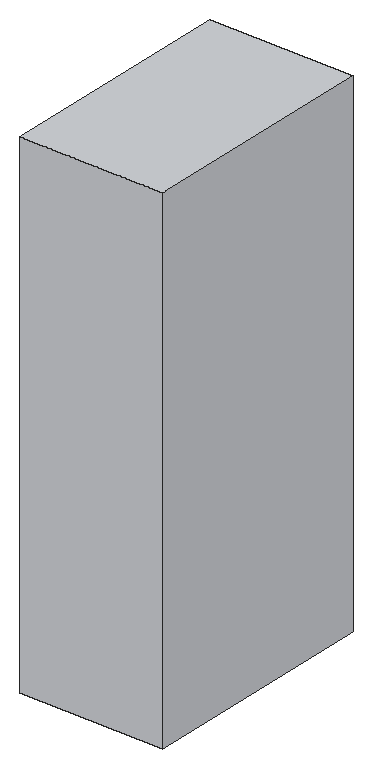
Revit family "機廠TSS_RTU機櫃_600x1000x2100", category 電氣設備, Revit 2025
Family settings
  面板規劃 = 兩欄，回路穿越
  圓形接點標註 = 使用直徑
  組件類型 = 分電盤
  OmniClass 編號 = 23.80.30.11.17
  OmniClass 標題 = Distribution Boards and Control Panels
  以工作平面為基礎 = 否
  總是垂直 = 是
  載入時使用空心切割 = 否
  維持標註方位 = 否
  共用 = 否
  房間計算點 = 否
Parameters (values of type "RTU 與網路機櫃")
  built-in parameter 1155100 [instance] = -1
  Default Elevation = 0 mm
  built-in parameter 1140142 [instance] = -1
  SCADA_高mm [instance] = "2100"
  SCADA_附錄F項次 [instance] = ""
  SCADA_附錄D項次 [instance] = "3"
  SCADA_編號 [instance] = "DEP-TSS-COMS-RTU-01"
  SCADA_站點 [instance] = "社后機廠"
  SCADA_深mm [instance] = "1000"
  SCADA_機櫃類型 [instance] = "RTU 與網路機櫃"
  SCADA_期別 [instance] = "共用"
  SCADA_房間 [instance] = "COMS/SCADA 設備室"
  SCADA_建物 [instance] = "機廠牽引變電站（DTSS）"
  SCADA_尺寸 [instance] = "600W×1000D×2100H"
  SCADA_寬mm [instance] = "600"
  SCADA_定位來源 [instance] = "獨立設備族群（載入專案後定位）"
  SCADA_備註 [instance] = "Rev006 附錄 F 無對應供電項目"
  SCADA_來源文件 [instance] = "Installation SoW_V6（Rev.006, 2026-07-02）附錄 D / F；依原文顏色標示排除已刪除項目"
  SCADA_UPS電源110V [instance] = "V6 附錄 F 無供電項目（Rev006 已刪除 2×1500VA，待 Hitachi 確認）"
  built-in parameter 1140140 [instance] = 1 (stored number, unit not read)
Reference planes
  plane 1 "中心 (前/後)": y = 0
  plane 2: z = 0
  plane 3 "中心 (左/右)": x = 0
Forms (mm)
  Extrusion 1, solid
    sketch origin (0, 0, 0) x (1, 0, 0) y (0, 1, 0)
      loop
        line (-300, -500) -> (300, -500) -> (300, 500) -> (-300, 500) -> (-300, -500)
    from 0 to 2100
Lines and regions (mm)
  symbolic lines, style "開門線"
    curve 1: line (300, -500, 0) -> (300, -1100, 0)
    curve 2: arc (-300, -500, 0) -> (-124.264, -924.264, 0) -> (300, -1100, 0) r 600
    curve 3: line (-300, 500, 0) -> (-300, 1100, 0)
    curve 4: arc (300, 500, 0) -> (124.264, 924.264, 0) -> (-300, 1100, 0) r 600
Dimensions and locks
  aligned and locked: level to plane 2
